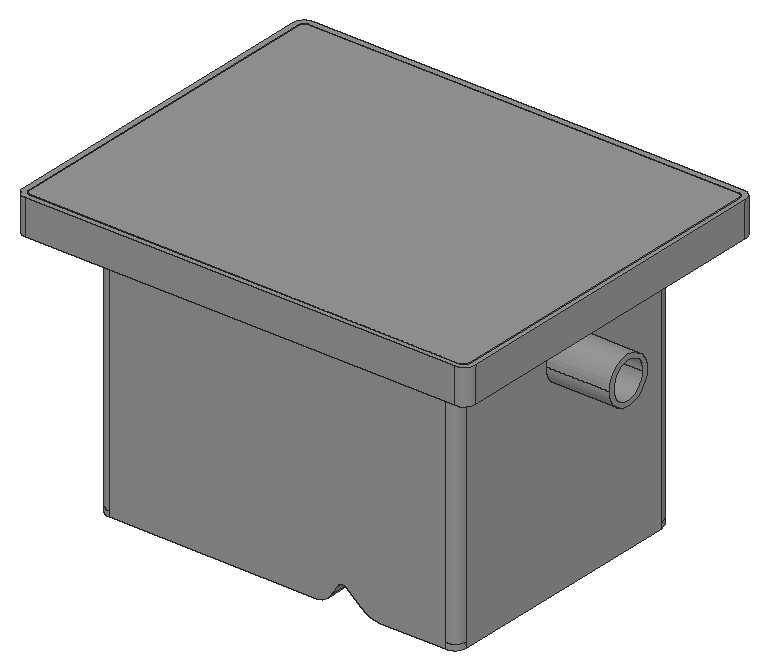
Revit family "Lil_L", category Plumbing Fixtures, Revit 2019
Family settings
  Round Connector Dimension = Use Diameter
  Part Type = Normal
  Work Plane-Based = No
  Always vertical = Yes
  Cut with Voids When Loaded = No
  Shared = No
  Room Calculation Point = No
Parameters (values of type "Lil-7-R")
  top 2 = 2"
  URL = "www.mifab.com"
  TOP1 = 1 1/2"
  TOP THK = 1 1/2"
  Pressure Drop = 0.00 psi
  Model = "MI-G-1-PL-PSB-FSCR"
  Mechanical Flow = 7 GPM
  Material = Polyethylene, High Density
  Manufacturer = "MIFAB"
  FULL DIM = 6"
  F2 = F / 2 - 51/256"  # 205/256"
  F/2 = F / 2  # 1"
  F = 2"
  E = 12 1/2"
  Description = "7GPM Lil Max Rice Interceptor"
  D = 9"
  C = 3 1/2"
  BOTTOM 1 = 9"
  B = 15 1/2"
  A+1 = (A + 1") / 1.95  # 10.51282"
  A = 19 1/2"
Types (8): name | top 2 | Model | Mechanical Flow | F2 | F/2 | F | E | Description | D | C | B | A+1 | A
  (no name) | 2" | "MI-G-1-PL-PSB-FSCR" | 7 GPM | 205/256" | 1" | 2" | 12 1/2" | "7GPM Lil Max Rice Interceptor" | 9" | 3 1/2" | 15 1/2" | 10.51282" | 19 1/2"
  Lil-7-R | 2" | "MI-G-1-PL-PSB-FSCR" | 7 GPM | 205/256" | 1" | 2" | 12 1/2" | "7GPM Lil Max Rice Interceptor" | 9" | 3 1/2" | 15 1/2" | 10.51282" | 19 1/2"
  Lil-10-R | 3.09455" | "MI-G-2-PL-PSB-FSCR" | 10 GPM | 205/256" | 1" | 2" | 13 1/4" | "10GPM Lil Max Rice Interceptor" | 9 3/4" | 3 1/2" | 17 1/2" | 12.30769" | 23"
  Lil-15-R | 3.09455" | "MI-G-3-PL-PSB-FSCR" | 15 GPM | 205/256" | 1" | 2" | 16 3/4" | "15GPM Lil Max Rice Interceptor" | 13 1/4" | 3 1/2" | 17 1/2" | 12.30769" | 23"
  Lil-20-R | 3.09455" | "MI-G-4-PL-PSB-FSCR" | 20 GPM | 1 77/256" | 1 1/2" | 3" | 14 1/4" | "20GPM Lil Max Rice Interceptor" | 10 3/4" | 3 1/2" | 20 1/2" | 15.64103" | 29 1/2"
  Lil-25-R | 3.09455" | "MI-G-5-PL-PSB-FSCR" | 25 GPM | 1 77/256" | 1 1/2" | 3" | 18 1/4" | "25GPM Lil Max Rice Interceptor" | 14 3/4" | 3 1/2" | 20 1/2" | 15.64103" | 29 1/2"
  Lil-35-R | 3.09455" | "MI-G-6-PL-PSB-FSCR" | 35 GPM | 1 77/256" | 1 1/2" | 3" | 22 1/4" | "35GPM Lil Max Rice Interceptor" | 16 3/4" | 5 1/2" | 25 1/2" | 17.4359" | 33"
  Lil-50-R | 3.09455" | "MI-G-7-PL-PSB-FSCR" | 50 GPM | 1 77/256" | 1 1/2" | 3" | 24 1/4" | "50GPM Lil Max Rice Interceptor" | 18 3/4" | 5 1/2" | 25 1/2" | 17.4359" | 33"
Reference planes (in)
  plane 1 "Center (Front/Back)": y = 0
  plane 2: z = 0
  plane 3 "Center (Left/Right)": x = 0
  plane 4: z = -3.5
  plane 5: z = -12.5
Forms (in)
  Extrusion 1, solid, material "Polyethylene, High Density" <- "Material"
    sketch origin (-0.57139, 0, 0) x (1, 0, 0) y (0, 1, 0)
      loop
        arc (-8.67861, 7.75) -> (-9.03216, 7.60355) -> (-9.17861, 7.25) r 0.5
        line (-9.17861, 7.25) -> (-9.17861, -7.25)
        arc (-9.17861, -7.25) -> (-9.03216, -7.60355) -> (-8.67861, -7.75) r 0.5
        line (-8.67861, -7.75) -> (9.82139, -7.75)
        arc (9.82139, -7.75) -> (10.17494, -7.60355) -> (10.32139, -7.25) r 0.5
        line (10.32139, -7.25) -> (10.32139, 7.25)
        arc (10.32139, 7.25) -> (10.17494, 7.60355) -> (9.82139, 7.75) r 0.5
        line (9.82139, 7.75) -> (-8.67861, 7.75)
      loop
        arc (-8.92861, -7.25) -> (-8.85539, -7.42678) -> (-8.67861, -7.5) r 0.25
        line (-8.67861, -7.5) -> (9.82139, -7.5)
        arc (9.82139, -7.5) -> (9.99817, -7.42678) -> (10.07139, -7.25) r 0.25
        line (10.07139, -7.25) -> (10.07139, 7.25)
        arc (10.07139, 7.25) -> (9.99817, 7.42678) -> (9.82139, 7.5) r 0.25
        line (9.82139, 7.5) -> (-8.67861, 7.5)
        arc (-8.67861, 7.5) -> (-8.85539, 7.42678) -> (-8.92861, 7.25) r 0.25
        line (-8.92861, 7.25) -> (-8.92861, -7.25)
    from -1.5 to 0
  Extrusion 2, solid, material "Polyethylene, High Density" <- "Material"
    sketch origin (0, 0, 0) x (1, 0, 0) y (0, 1, 0)
      loop
        arc (-7.25, 5.75) -> (-7.60355, 5.60355) -> (-7.75, 5.25) r 0.5
        line (-7.75, 5.25) -> (-7.75, -5.25)
        arc (-7.75, -5.25) -> (-7.60355, -5.60355) -> (-7.25, -5.75) r 0.5
        line (-7.25, -5.75) -> (7.25, -5.75)
        arc (7.25, -5.75) -> (7.60355, -5.60355) -> (7.75, -5.25) r 0.5
        line (7.75, -5.25) -> (7.75, 5.25)
        arc (7.75, 5.25) -> (7.60355, 5.60355) -> (7.25, 5.75) r 0.5
        line (7.25, 5.75) -> (-7.25, 5.75)
      loop
        arc (-7.5, -5.25) -> (-7.42678, -5.42678) -> (-7.25, -5.5) r 0.25
        line (-7.25, -5.5) -> (7.25, -5.5)
        arc (7.25, -5.5) -> (7.42678, -5.42678) -> (7.5, -5.25) r 0.25
        line (7.5, -5.25) -> (7.5, 5.25)
        arc (7.5, 5.25) -> (7.42678, 5.42678) -> (7.25, 5.5) r 0.25
        line (7.25, 5.5) -> (-7.25, 5.5)
        arc (-7.25, 5.5) -> (-7.42678, 5.42678) -> (-7.5, 5.25) r 0.25
        line (-7.5, 5.25) -> (-7.5, -5.25)
    from -12.5 to -1.5
  Extrusion 3, solid, material "Polyethylene, High Density" <- "Material"
    sketch origin (0, 0, 0) x (0, 1, 0) y (0, 0, 1)
      loop
        circle (0, -3.5) r 1
    from 7.5 to 10.51282
  Extrusion 4, void
    sketch origin (0, 0, 0) x (0, 1, 0) y (0, 0, 1)
      loop
        circle (0, -3.5) r 0.80078
    from -10.51282 to 10.51282
  Extrusion 5, solid, material "Polyethylene, High Density" <- "Material"
    sketch origin (0, 0, 0) x (0, 1, 0) y (0, 0, -1)
      loop
        circle (0, 3.5) r 1
    from 7.5 to 10.51282
  Extrusion 6, solid, material "Polyethylene, High Density" <- "Material"
    sketch origin (0, 0, 0) x (1, 0, 0) y (0, 1, 0)
      loop
        line (-9.5, 7.25) -> (-9.5, -7.25)
        arc (-9.5, -7.25) -> (-9.42678, -7.42678) -> (-9.25, -7.5) r 0.25
        line (-9.25, -7.5) -> (9.25, -7.5)
        arc (9.25, -7.5) -> (9.42678, -7.42678) -> (9.5, -7.25) r 0.25
        line (9.5, -7.25) -> (9.5, 7.25)
        arc (9.5, 7.25) -> (9.42678, 7.42678) -> (9.25, 7.5) r 0.25
        line (9.25, 7.5) -> (-9.25, 7.5)
        arc (-9.25, 7.5) -> (-9.42678, 7.42678) -> (-9.5, 7.25) r 0.25
      loop
        line (-7.5, 5.25) -> (-7.5, -5.25)
        arc (-7.5, -5.25) -> (-7.42678, -5.42678) -> (-7.25, -5.5) r 0.25
        line (-7.25, -5.5) -> (7.25, -5.5)
        arc (7.25, -5.5) -> (7.42678, -5.42678) -> (7.5, -5.25) r 0.25
        line (7.5, -5.25) -> (7.5, 5.25)
        arc (7.5, 5.25) -> (7.42678, 5.42678) -> (7.25, 5.5) r 0.25
        line (7.25, 5.5) -> (-7.25, 5.5)
        arc (-7.25, 5.5) -> (-7.42678, 5.42678) -> (-7.5, 5.25) r 0.25
    from -1.5 to -1.27407
  Extrusion 7, solid, material "Polyethylene, High Density" <- "Material"
    sketch origin (0, 0, 0) x (1, 0, 0) y (0, 0, 1)
      loop
        line (-7.75, -12.5) -> (1.68146, -12.5)
        arc (1.68146, -12.5) -> (2.08444, -12.38254) -> (2.3612, -12.06696) r 0.75
        line (2.3612, -12.06696) -> (2.63018, -11.66446)
        arc (2.63018, -11.66446) -> (2.78411, -11.56852) -> (2.95785, -11.6206) r 0.22028
        line (2.95785, -11.6206) -> (3.61676, -12.19339)
        arc (3.61676, -12.19339) -> (3.99907, -12.42084) -> (4.43683, -12.5) r 1.25
        line (4.43683, -12.5) -> (7.75, -12.5) -> (7.75, -12.25) -> (4.43683, -12.25)
        arc (4.43683, -12.25) -> (4.08662, -12.18667) -> (3.78077, -12.00471) r 1
        line (3.78077, -12.00471) -> (3.10631, -11.41841)
        arc (3.10631, -11.41841) -> (2.74971, -11.3115) -> (2.43377, -11.50842) r 0.45213
        line (2.43377, -11.50842) -> (2.14162, -11.94558)
        arc (2.14162, -11.94558) -> (1.95733, -12.16701) -> (1.68146, -12.25) r 0.5
        line (1.68146, -12.25) -> (-7.75, -12.25) -> (-7.75, -12.5)
    from -5.75 to 5.75
  Extrusion 8, void
    sketch origin (0, 0, 0) x (1, 0, 0) y (0, 0, 1)
      loop
        line (1.68146, -12.5) -> (4.43683, -12.5)
        arc (4.43683, -12.5) -> (3.99907, -12.42084) -> (3.61676, -12.19339) r 1.25
        line (3.61676, -12.19339) -> (2.95785, -11.6206)
        arc (2.95785, -11.6206) -> (2.78411, -11.56852) -> (2.63018, -11.66446) r 0.22028
        line (2.63018, -11.66446) -> (2.3612, -12.06696)
        arc (2.3612, -12.06696) -> (2.08444, -12.38254) -> (1.68146, -12.5) r 0.75
    from -13.05949 to 13.44892
  Extrusion 9, void
    sketch origin (0, 0, 0) x (1, 0, 0) y (0, 1, 0)
      loop
        arc (-7.25, 5.75) -> (-7.60355, 5.60355) -> (-7.75, 5.25) r 0.5
        line (-7.75, 5.25) -> (-7.75, -5.25)
        arc (-7.75, -5.25) -> (-7.60355, -5.60355) -> (-7.25, -5.75) r 0.5
        line (-7.25, -5.75) -> (7.25, -5.75)
        arc (7.25, -5.75) -> (7.60355, -5.60355) -> (7.75, -5.25) r 0.5
        line (7.75, -5.25) -> (7.75, 5.25)
        arc (7.75, 5.25) -> (7.60355, 5.60355) -> (7.25, 5.75) r 0.5
        line (7.25, 5.75) -> (-7.25, 5.75)
      loop
        arc (-7.25, 6) -> (-7.78033, 5.78033) -> (-8, 5.25) r 0.75
        line (-8, 5.25) -> (-8, -5.25)
        arc (-8, -5.25) -> (-7.78033, -5.78033) -> (-7.25, -6) r 0.75
        line (-7.25, -6) -> (7.25, -6)
        arc (7.25, -6) -> (7.78033, -5.78033) -> (8, -5.25) r 0.75
        line (8, -5.25) -> (8, 5.25)
        arc (8, 5.25) -> (7.78033, 5.78033) -> (7.25, 6) r 0.75
        line (7.25, 6) -> (-7.25, 6)
    from -12.5 to -8.24153
  Extrusion 10, solid, material "Polytetrafluoroethylene"
    sketch origin (0, 0, 0) x (1, 0, 0) y (0, 1, 0)
      loop
        arc (-9.5, -7.25) -> (-9.42678, -7.42678) -> (-9.25, -7.5) r 0.25
        line (-9.25, -7.5) -> (9.25, -7.5)
        arc (9.25, -7.5) -> (9.42678, -7.42678) -> (9.5, -7.25) r 0.25
        line (9.5, -7.25) -> (9.5, 7.25)
        arc (9.5, 7.25) -> (9.42678, 7.42678) -> (9.25, 7.5) r 0.25
        line (9.25, 7.5) -> (-9.25, 7.5)
        arc (-9.25, 7.5) -> (-9.42678, 7.42678) -> (-9.5, 7.25) r 0.25
        line (-9.5, 7.25) -> (-9.5, -7.25)
    from -1.27407 to 0
Cuts and joins
  Extrusion 4 cuts Extrusion 1
  Extrusion 4, Extrusion 8 cuts Extrusion 2
  Extrusion 4 cuts Extrusion 3
  Extrusion 4 cuts Extrusion 5
  Extrusion 4 cuts Extrusion 6
  Extrusion 4, Extrusion 8, Extrusion 9 cuts Extrusion 7
  joined: Extrusion 1, Extrusion 2, Extrusion 3, Extrusion 5, Extrusion 6, Extrusion 7
Dimensions and locks (in)
  "D": plane 5 to plane 4
  "C": level to plane 4
  equal spacing: Extrusion 1 sketch curve, plane 1 "Center (Front/Back)", Extrusion 1 sketch curve
  plane 1 "Center (Front/Back)" to Extrusion 1 sketch curve = 7 3/4"
  equal spacing: Extrusion 1, plane 3 "Center (Left/Right)", Extrusion 1
  "A+1": Extrusion 3 to plane 3 "Center (Left/Right)"
  "A": Extrusion 1 sketch curve to Extrusion 1 sketch curve
  equal spacing: Extrusion 1 sketch curve, plane 3 "Center (Left/Right)", Extrusion 1 sketch curve
  "A+1": cut or joined group 1 (Extrusion 1, Extrusion 2, Extrusion 3, Extrusion 4, Extrusion 5, Extrusion 6, Extrusion 7, Extrusion 8, Extrusion 9) to plane 3 "Center (Left/Right)"
  locked: Extrusion 6 to Extrusion 1 at 0.22593
  equal spacing: Extrusion 2 sketch curve, plane 3 "Center (Left/Right)", Extrusion 2 sketch curve
  equal spacing: Extrusion 2 sketch curve, plane 1 "Center (Front/Back)", Extrusion 2 sketch curve
  cut or joined group 1 to cut or joined group 1 = 1/4"
  locked: cut or joined group 1 to cut or joined group 1 at 0.25  (x3)
  cut or joined group 1 to cut or joined group 1 = 2"
  locked: cut or joined group 1 to cut or joined group 1 at 2
  locked: Extrusion 6 sketch curve to cut or joined group 1 at 2  (x2)
  "B": cut or joined group 1 to cut or joined group 1
  locked: cut or joined group 1 to cut or joined group 1 at 2.25  (x2)
  "F/2": radius of Extrusion 3 sketch curve
  "F2": radius of Extrusion 4 sketch curve
  "F/2": radius of Extrusion 5 sketch curve
  aligned and locked: plane 2 to level
  aligned and locked: level to Extrusion 1
  aligned and locked: Extrusion 2 to plane 5
  aligned and locked: Extrusion 2 to Extrusion 1
  aligned and locked: plane 1 "Center (Front/Back)" to Extrusion 3 sketch curve
  aligned and locked: plane 4 to Extrusion 3 sketch curve
  aligned and locked: plane 1 "Center (Front/Back)" to Extrusion 4 sketch curve
  aligned and locked: plane 4 to Extrusion 4 sketch curve
  aligned and locked: Extrusion 6 sketch curve to Extrusion 1  (x4)
  aligned and locked: Extrusion 1 to Extrusion 6
  aligned and locked: Extrusion 7 sketch curve to cut or joined group 1
  aligned and locked: Extrusion 8 sketch curve to cut or joined group 1  (x3)
  aligned and locked: cut or joined group 1 to Extrusion 8 sketch curve
  aligned and locked: cut or joined group 1 to Extrusion 6 sketch curve  (x2)
  aligned and locked: Extrusion 7 to Extrusion 2  (x2)
  aligned and locked: Extrusion 2 to Extrusion 7
  aligned and locked: Extrusion 2 to Extrusion 3
  aligned and locked: Extrusion 2 to Extrusion 5
  aligned and locked: Extrusion 9 sketch curve to cut or joined group 1  (x4)
  aligned and locked: Extrusion 9 to plane 5
  aligned and locked: Extrusion 10 sketch curve to cut or joined group 1  (x4)
  aligned and locked: Extrusion 10 to cut or joined group 1
  aligned and locked: level to Extrusion 10
  aligned and locked: Extrusion 3 to Extrusion 4
  aligned and locked: Extrusion 5 to Extrusion 4
  aligned and locked: plane 4 to Extrusion 5 sketch curve
  aligned and locked: plane 1 "Center (Front/Back)" to Extrusion 5 sketch curve
Automatic sketch dimensions
  Extrusion 6 sketch curve to Extrusion 6 sketch curve = 1/4"  (x6)
  Extrusion 8 sketch curve to Extrusion 8 sketch curve = 0.67973"
  plane 5 to Extrusion 8 sketch curve = 0.30661"
  Extrusion 8 sketch curve to Extrusion 8 sketch curve = 0.26899"
  Extrusion 8 sketch curve to Extrusion 8 sketch curve = 0.12239"
  Extrusion 8 sketch curve to Extrusion 8 sketch curve = 37/256"
  Extrusion 2 sketch curve to plane 3 "Center (Left/Right)" = 7 3/4"
  Extrusion 2 sketch curve to Extrusion 2 sketch curve = 1/2"  (x4)
  Extrusion 2 sketch curve to Extrusion 2 sketch curve = 0"  (x11)
  Extrusion 2 sketch curve to Extrusion 2 sketch curve = 1/4"
  plane 1 "Center (Front/Back)" to Extrusion 2 sketch curve = 5 3/4"
  Extrusion 6 sketch curve to Extrusion 6 sketch curve = 2"
  Extrusion 7 sketch curve to Extrusion 7 sketch curve = 0"  (x4)
  Extrusion 7 sketch curve to plane 5 = 0"
  Extrusion 7 sketch curve to plane 3 "Center (Left/Right)" = 7 3/4"
  plane 5 to Extrusion 7 sketch curve = 1/4"
  plane 3 "Center (Left/Right)" to Extrusion 7 sketch curve = 1.68146"
  plane 5 to Extrusion 7 sketch curve = 0.55442"
  Extrusion 7 sketch curve to Extrusion 7 sketch curve = 0.46016"
  plane 5 to Extrusion 7 sketch curve = 0.43304"
  Extrusion 7 sketch curve to Extrusion 7 sketch curve = 0.29215"
  plane 5 to Extrusion 7 sketch curve = 0.83554"
  Extrusion 7 sketch curve to Extrusion 7 sketch curve = 0.19641"
  Extrusion 7 sketch curve to Extrusion 7 sketch curve = 0.1795"
  Extrusion 7 sketch curve to Extrusion 7 sketch curve = 0.00364"
  plane 5 to Extrusion 7 sketch curve = 0.8794"
  Extrusion 7 sketch curve to Extrusion 7 sketch curve = 0.14816"
  plane 5 to Extrusion 7 sketch curve = 1.08159"
  Extrusion 7 sketch curve to Extrusion 7 sketch curve = 0.14846"
  plane 5 to Extrusion 7 sketch curve = 0.30661"
  Extrusion 7 sketch curve to Extrusion 7 sketch curve = 0.65891"
  plane 5 to Extrusion 7 sketch curve = 0.49529"
  Extrusion 7 sketch curve to Extrusion 7 sketch curve = 0.16401"
  Extrusion 7 sketch curve to Extrusion 7 sketch curve = 0.65606"
  Extrusion 7 sketch curve to Extrusion 7 sketch curve = 3.31317"
  Extrusion 7 sketch curve to Extrusion 7 sketch curve = 0.02722"
  Extrusion 9 sketch curve to Extrusion 9 sketch curve = 0"  (x7)
  Extrusion 9 sketch curve to Extrusion 9 sketch curve = 1/4"
  Extrusion 1 sketch curve to Extrusion 1 sketch curve = 0"  (x7)
  Extrusion 1 sketch curve to Extrusion 1 sketch curve = 1/4"  (x5)
  Extrusion 3 sketch curve to plane 4 = 0"
Connectors (in)
  piping at (10.51282, 0, -3.5), diameter 2, driven by "F", driven by "Mechanical Flow"
    settings: on cut or joined group 1, index 1, connector inside diameter 24", connector length 0", flow factor 0, pipe flow 7 GPM, pressure drop 0.00 psi, fitting loss kfactor 0, connector angle 0.00°, fixture units 0, engagement length 0", angle of deflection 0.00°, flow configuration 0, flow direction 0, fitting loss method 0, system type 7, joint type 0, gender type 0, connector reference index -1, connector utility 0, adjustable connector no, is connector primary yes, connector description ""
  piping at (-10.51282, 0, -3.5), diameter 2, driven by "F", driven by "Mechanical Flow"
    settings: on cut or joined group 1, index 2, connector inside diameter 24", connector length 0", flow factor 0, pipe flow 7 GPM, pressure drop 0.00 psi, fitting loss kfactor 0, connector angle 0.00°, fixture units 0, engagement length 0", angle of deflection 0.00°, flow configuration 0, flow direction 0, fitting loss method 0, system type 7, joint type 0, gender type 0, connector reference index -1, connector utility 0, adjustable connector no, is connector primary no, connector description ""
